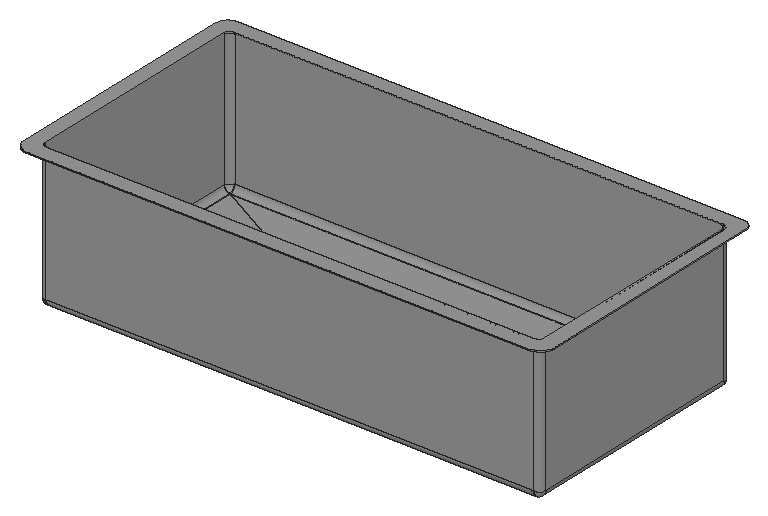
Revit family "BUILDMAT-SNGD017-Seville-900-Brass-Gold", category Plumbing Fixtures, host Face, Revit 2020
Family settings
  Host = Face
  Round Connector Dimension = Use Diameter
  Part Type = Normal
  Cut with Voids When Loaded = No
  Shared = No
  Room Calculation Point = No
Parameters (values of type "Seville 900x450x250mm")
  Width = 850.0 mm
  Undermount [instance] = 0.0 mm
  URL = "https://www.buildmat.com.au/products/900x450x250-single-bowl-sink"
  Side Sound Pad = yes
  Side Brackets = yes
  Model = "SNA01017"  # constant formula
  Middle Sound Pad = no
  Middle Bracket = yes
  Manufacturer URL = "https://www.buildmat.com.au/"
  Manufacturer = "BUILDMAT"  # constant formula
  Length = 400.0 mm
  Description = "BUILDMAT - Seville 900x450 XXLarge Single Bowl Sink"  # constant formula
  Depth = 250.0 mm
  Default Elevation = 1219.2 mm
  Created By URL = "https://www.buildmat.com.au/"
  Created By = "BUILDMAT"  # constant formula
  Created = "22.06.2022"  # constant formula
  Material = BUILDMAT Brass Gold
Reference planes
  plane 1 "Center (Front/Back)": y = 0
  plane 2: z = 0
  plane 3 "Center (Left/Right)": x = 0
  plane 4 "Top Substrate": z = 0
  plane 5 "Left": x = -425
  plane 6 "Right": x = 425
  plane 7 "Back": y = 200
  plane 8 "Front": y = -200
  plane 9: x = -450
  plane 10: x = 450
  plane 11: y = -225
  plane 12: y = 225
  plane 13 "Bottom Void": z = -250
  plane 14: z = 1.5
  plane 15: x = -426.5
  plane 16: y = -201.5
  plane 17: x = 426.5
  plane 18: y = 201.5
  plane 19: z = -240
  plane 20: z = -230
  plane 21: x = -415
  plane 22: x = 415
  plane 23: y = -190
  plane 24: y = 190
  plane 25: z = -245
  plane 26: z = -241.5
  plane 27: z = -246.5
  plane 28: x = -100
  plane 29: x = 100
  plane 30 "Sound Pad": z = -130
  plane 31 "Front Bracket": y = -100
  plane 32 "Back Bracket": y = 100
  plane 33: x = -325
  plane 34: x = 325
  plane 35: x = -57
  plane 36: x = 57
  plane 37: x = -45
  plane 38: x = 45
Forms (mm)
  Extrusion 1, void
    sketch origin (0, 0, 0) x (1, 0, 0) y (0, 1, 0)
      loop
        arc (-415, 200) -> (-422.071, 197.071) -> (-425, 190) r 10
        line (-425, 190) -> (-425, -190)
        arc (-425, -190) -> (-422.071, -197.071) -> (-415, -200) r 10
        line (-415, -200) -> (415, -200)
        arc (415, -200) -> (422.071, -197.071) -> (425, -190) r 10
        line (425, -190) -> (425, 190)
        arc (425, 190) -> (422.071, 197.071) -> (415, 200) r 10
        line (415, 200) -> (-415, 200)
    from 0 to 1.5
  Extrusion 2, void
    sketch origin (0, 0, 0) x (1, 0, 0) y (0, 1, 0)
      loop
        line (-426.5, 201.5) -> (-426.5, -201.5) -> (426.5, -201.5) -> (426.5, 201.5) -> (-426.5, 201.5)
    from 0 to -250
  Extrusion 3, void
    sketch origin (0, 0, 0) x (1, 0, 0) y (0, 1, 0)
      loop
        arc (-430, 225) -> (-444.142, 219.142) -> (-450, 205) r 20
        line (-450, 205) -> (-450, -205)
        arc (-450, -205) -> (-444.142, -219.142) -> (-430, -225) r 20
        line (-430, -225) -> (430, -225)
        arc (430, -225) -> (444.142, -219.142) -> (450, -205) r 20
        line (450, -205) -> (450, 205)
        arc (450, 205) -> (444.142, 219.142) -> (430, 225) r 20
        line (430, 225) -> (-430, 225)
    from 1.5 to 0
  Extrusion 4, solid, material "BUILDMAT Brass Gold" <- "Material"
    sketch origin (0, 0, 0) x (-1, 0, 0) y (0, -1, 0)
      loop
        arc (430, -225) -> (444.142, -219.142) -> (450, -205) r 20
        line (450, -205) -> (450, 205)
        arc (450, 205) -> (444.142, 219.142) -> (430, 225) r 20
        line (430, 225) -> (-430, 225)
        arc (-430, 225) -> (-444.142, 219.142) -> (-450, 205) r 20
        line (-450, 205) -> (-450, -205)
        arc (-450, -205) -> (-444.142, -219.142) -> (-430, -225) r 20
        line (-430, -225) -> (430, -225)
      loop
        arc (415, -200) -> (422.071, -197.071) -> (425, -190) r 10
        line (425, -190) -> (425, 190)
        arc (425, 190) -> (422.071, 197.071) -> (415, 200) r 10
        line (415, 200) -> (-415, 200)
        arc (-415, 200) -> (-422.071, 197.071) -> (-425, 190) r 10
        line (-425, 190) -> (-425, -190)
        arc (-425, -190) -> (-422.071, -197.071) -> (-415, -200) r 10
        line (-415, -200) -> (415, -200)
    from 0 to 1.5
  Extrusion 5, solid, material "BUILDMAT Brass Gold" <- "Material"
    sketch origin (0, 0, 0) x (-1, 0, 0) y (0, -1, 0)
      loop
        arc (415, -201.5) -> (423.132, -198.132) -> (426.5, -190) r 11.5
        line (426.5, -190) -> (426.5, 190)
        arc (426.5, 190) -> (423.132, 198.132) -> (415, 201.5) r 11.5
        line (415, 201.5) -> (-415, 201.5)
        arc (-415, 201.5) -> (-423.132, 198.132) -> (-426.5, 190) r 11.5
        line (-426.5, 190) -> (-426.5, -190)
        arc (-426.5, -190) -> (-423.132, -198.132) -> (-415, -201.5) r 11.5
        line (-415, -201.5) -> (415, -201.5)
      loop
        arc (-415, 200) -> (-422.071, 197.071) -> (-425, 190) r 10
        line (-425, 190) -> (-425, -190)
        arc (-425, -190) -> (-422.071, -197.071) -> (-415, -200) r 10
        line (-415, -200) -> (415, -200)
        arc (415, -200) -> (422.071, -197.071) -> (425, -190) r 10
        line (425, -190) -> (425, 190)
        arc (425, 190) -> (422.071, 197.071) -> (415, 200) r 10
        line (415, 200) -> (-415, 200)
    from 0 to -230
  Revolve 6, solid, material "BUILDMAT Brass Gold" <- "Material"
    sketch origin (-175.162, 190, 1219.2) x (-1, 0, 0) y (0, 0, 1)
      loop
        line (-600.162, -1449.2) -> (-601.662, -1449.2)
        arc (-601.662, -1449.2) -> (-598.293, -1457.332) -> (-590.162, -1460.7) r 11.5
        line (-590.162, -1460.7) -> (-590.162, -1459.2)
        arc (-590.162, -1459.2) -> (-597.233, -1456.271) -> (-600.162, -1449.2) r 10
      axis (-590.162, -1460.7) -> (-590.162, -1449.2)
    angle from 0 to -90
  Revolve 7, solid, material "BUILDMAT Brass Gold" <- "Material"
    sketch origin (-175.162, 190, 1219.2) x (-1, 0, 0) y (0, 0, 1)
      loop
        arc (249.838, -1449.2) -> (246.909, -1456.271) -> (239.838, -1459.2) r 10
        line (239.838, -1459.2) -> (239.838, -1460.7)
        arc (239.838, -1460.7) -> (247.97, -1457.332) -> (251.338, -1449.2) r 11.5
        line (251.338, -1449.2) -> (249.838, -1449.2)
      axis (239.838, -1449.2) -> (239.838, -1460.7)
    angle from 0 to -90
  Revolve 8, solid, material "BUILDMAT Brass Gold" <- "Material"
    sketch origin (-175.162, -190, 1219.2) x (-1, 0, 0) y (0, 0, 1)
      loop
        arc (249.838, -1449.2) -> (246.909, -1456.271) -> (239.838, -1459.2) r 10
        line (239.838, -1459.2) -> (239.838, -1460.7)
        arc (239.838, -1460.7) -> (247.97, -1457.332) -> (251.338, -1449.2) r 11.5
        line (251.338, -1449.2) -> (249.838, -1449.2)
      axis (239.838, -1449.2) -> (239.838, -1460.7)
    angle from 0 to 90
  Revolve 9, solid, material "BUILDMAT Brass Gold" <- "Material"
    sketch origin (-175.162, -190, 1219.2) x (-1, 0, 0) y (0, 0, 1)
      loop
        line (-600.162, -1449.2) -> (-601.662, -1449.2)
        arc (-601.662, -1449.2) -> (-598.293, -1457.332) -> (-590.162, -1460.7) r 11.5
        line (-590.162, -1460.7) -> (-590.162, -1459.2)
        arc (-590.162, -1459.2) -> (-597.233, -1456.271) -> (-600.162, -1449.2) r 10
      axis (-590.162, -1449.2) -> (-590.162, -1460.7)
    angle from 0 to 90
  Extrusion 10, solid, material "BUILDMAT Brass Gold" <- "Material"
    sketch origin (0, 0, 0) x (1, 0, 0) y (0, 0, 1)
      loop
        line (-425, -230) -> (-426.5, -230)
        arc (-426.5, -230) -> (-423.132, -238.132) -> (-415, -241.5) r 11.5
        line (-415, -241.5) -> (-415, -240)
        arc (-415, -240) -> (-422.071, -237.071) -> (-425, -230) r 10
    from -190 to 190
  Extrusion 11, solid, material "BUILDMAT Brass Gold" <- "Material"
    sketch origin (0, 0, 0) x (1, 0, 0) y (0, 0, 1)
      loop
        arc (425, -230) -> (422.071, -237.071) -> (415, -240) r 10
        line (415, -240) -> (415, -241.5)
        arc (415, -241.5) -> (423.132, -238.132) -> (426.5, -230) r 11.5
        line (426.5, -230) -> (425, -230)
    from -190 to 190
  Extrusion 12, solid, material "BUILDMAT Brass Gold" <- "Material"
    sketch origin (0, 0, 0) x (0, 1, 0) y (0, 0, 1)
      loop
        arc (200, -230) -> (197.071, -237.071) -> (190, -240) r 10
        line (190, -240) -> (190, -241.5)
        arc (190, -241.5) -> (198.132, -238.132) -> (201.5, -230) r 11.5
        line (201.5, -230) -> (200, -230)
    from -415 to 415
  Extrusion 13, solid, material "BUILDMAT Brass Gold" <- "Material"
    sketch origin (0, 0, 0) x (0, 1, 0) y (0, 0, 1)
      loop
        line (-200, -230) -> (-201.5, -230)
        arc (-201.5, -230) -> (-198.132, -238.132) -> (-190, -241.5) r 11.5
        line (-190, -241.5) -> (-190, -240)
        arc (-190, -240) -> (-197.071, -237.071) -> (-200, -230) r 10
    from -415 to 415
  Revolve 14, solid, material "BUILDMAT Brass Gold" <- "Material"
    sketch origin (0, 0, 0) x (1, 0, 0) y (0, 0, 1)
      loop
        line (-45, -250) -> (-45, -248.5)
        spline (-45, -248.5) -> (-46.484, -248.459) -> (-47.939, -248.339) -> (-49.337, -248.141) -> (-50.649, -247.871) -> (-51.848, -247.537) -> (-52.908, -247.151) -> (-53.805, -246.726) -> (-54.514, -246.283) -> (-55.023, -245.856) -> (-55.329, -245.483) -> (-55.468, -245.202) -> (-55.5, -245)
        line (-55.5, -245) -> (-57, -245)
        spline (-57, -245) -> (-56.897, -245.653) -> (-56.591, -246.294) -> (-56.087, -246.913) -> (-55.392, -247.5) -> (-54.52, -248.044) -> (-53.485, -248.536) -> (-52.305, -248.967) -> (-51, -249.33) -> (-49.592, -249.619) -> (-48.106, -249.83) -> (-46.566, -249.957) -> (-45, -250)
      axis (0, -245) -> (0, -250)
    angle from 0 to 360
  Blend 15, solid, material "BUILDMAT Brass Gold" <- "Material"
    base sketch origin (0, 0, 0) x (-1, 0, 0) y (0, -1, 0)
      loop
        circle (0, 0) r 57
    top sketch origin (0, 0, 0) x (-1, 0, 0) y (0, -1, 0)
      loop
        line (415, -190) -> (415, 190) -> (-415, 190) -> (-415, -190) -> (415, -190)
    from -246.5 to -241.5
  Blend 16, void
    base sketch origin (0, 0, 0) x (-1, 0, 0) y (0, -1, 0)
      loop
        circle (0, 0) r 57
    top sketch origin (0, 0, 0) x (-1, 0, 0) y (0, -1, 0)
      loop
        line (415, -190) -> (415, 190) -> (-415, 190) -> (-415, -190) -> (415, -190)
    from -245 to -240
  Extrusion 17, solid, material "BUILDMAT Brass Gold" <- "Material"
    sketch origin (0, 0, 0) x (-1, 0, 0) y (0, -1, 0)
      loop
        line (415, -190) -> (415, 190) -> (-415, 190) -> (-415, -190) -> (415, -190)
    from -241.5 to -240
  Extrusion 18, void
    sketch origin (0, 0, 0) x (-1, 0, 0) y (0, -1, 0)
      loop
        circle (0, 0) r 57
    from -250 to -230
Cuts and joins
  joined: Extrusion 4, Extrusion 5
  joined: Revolve 6, Revolve 9
  joined: Revolve 7, Revolve 8
  Blend 16, Extrusion 18 cuts Blend 15
  Blend 16, Extrusion 18 cuts Extrusion 17
  joined: Blend 15, Extrusion 17
Lines and regions (mm)
  Masking region 1
    outline origin (0, 0, 0) x (1, 0, 0) y (0, 0, 1)
      loop
        line (425, 0) -> (-425, 0) -> (-425, -230)
        arc (-425, -230) -> (-422.071, -237.071) -> (-415, -240) r 10
        line (-415, -240) -> (-57, -245) -> (57, -245) -> (415, -240)
        arc (415, -240) -> (422.071, -237.071) -> (425, -230) r 10
        line (425, -230) -> (425, 0)
  Masking region 2
    outline origin (0, 0, 0) x (1, 0, 0) y (0, 0, 1)
      loop
        line (-100, -245.899) -> (-100, -250) -> (-57, -250) -> (-57, -246.5) -> (-100, -245.899)
  Masking region 3
    outline origin (0, 0, 0) x (1, 0, 0) y (0, 0, 1)
      loop
        line (57, -246.5) -> (57, -250) -> (100, -250) -> (100, -245.899) -> (57, -246.5)
Text (mm)
  text "Refer to www.buildmat.com.au for the most current product literature. \nAllow a +/- 5mm tolerance for dimensions shown in the product literature. \nPlease note product details are subject to change due to ongoing product development." at (0.056, -1035.857, 0), in view "Ref. Level"
Dimensions and locks
  "Undermount": plane 2 to plane 4 "Top Substrate"
  equal spacing: plane 5 "Left", plane 3 "Center (Left/Right)", plane 6 "Right"
  "Width": plane 5 "Left" to plane 6 "Right"
  "Length": plane 7 "Back" to plane 8 "Front"
  equal spacing: plane 7 "Back", plane 1 "Center (Front/Back)", plane 8 "Front"
  locked: plane 12 to plane 7 "Back" at 25
  locked: plane 8 "Front" to plane 11 at 25
  locked: plane 9 to plane 5 "Left" at 25
  locked: plane 6 "Right" to plane 10 at 25
  "Depth": plane 4 "Top Substrate" to plane 13 "Bottom Void"
  locked: plane 14 to plane 4 "Top Substrate" at 1.5
  locked: plane 18 to plane 7 "Back" at 1.5
  locked: plane 8 "Front" to plane 16 at 1.5
  plane 15 to plane 5 "Left" = 1.5 mm
  plane 6 "Right" to plane 17 = 1.5 mm
  plane 20 to plane 19 to plane 13 "Bottom Void" = 10.0 mm, 10.0 mm
  locked: plane 5 "Left" to plane 21 at 10
  locked: plane 22 to plane 6 "Right" at 10
  locked: plane 7 "Back" to plane 24 at 10
  locked: plane 23 to plane 8 "Front" at 10
  locked: plane 19 to plane 26 at 1.5
  locked: plane 25 to plane 13 "Bottom Void" at 5
  locked: plane 25 to plane 27 at 1.5
  plane 29 to plane 3 "Center (Left/Right)" to plane 28 = 100.0 mm locked, 100.0 mm locked
  locked: plane 30 "Sound Pad" to plane 13 "Bottom Void" at 120
  locked: plane 7 "Back" to plane 32 "Back Bracket" at 100
  locked: plane 31 "Front Bracket" to plane 8 "Front" at 100
  locked: plane 33 to plane 5 "Left" at 100
  locked: plane 6 "Right" to plane 34 at 100
  equal spacing: plane 3 "Center (Left/Right)", nested 15, plane 33
  equal spacing: plane 34, nested 16, plane 3 "Center (Left/Right)"
  plane 37 to plane 3 "Center (Left/Right)" to plane 38 = 45.0 mm locked, 45.0 mm locked
  plane 35 to plane 3 "Center (Left/Right)" to plane 36 = 57.0 mm locked, 57.0 mm locked
  aligned and locked: plane 2 to host face
  aligned and locked: level to host face
  aligned and locked: plane 8 "Front" to Extrusion 1 sketch curve
  aligned and locked: Extrusion 1 sketch curve to plane 7 "Back"
  aligned and locked: plane 5 "Left" to Extrusion 1 sketch curve
  aligned and locked: Extrusion 1 sketch curve to plane 6 "Right"
  aligned and locked: plane 2 to Extrusion 1
  aligned and locked: plane 14 to Extrusion 1
  aligned and locked: Extrusion 2 sketch curve to plane 16
  aligned and locked: Extrusion 2 sketch curve to plane 18
  aligned and locked: plane 15 to Extrusion 2 sketch curve
  aligned and locked: plane 17 to Extrusion 2 sketch curve
  aligned and locked: Extrusion 2 to plane 13 "Bottom Void"
  aligned and locked: plane 4 "Top Substrate" to Extrusion 2
  aligned and locked: Extrusion 3 sketch curve to plane 11
  aligned and locked: plane 9 to Extrusion 3 sketch curve
  aligned and locked: Extrusion 3 sketch curve to plane 10
  aligned and locked: Extrusion 3 sketch curve to plane 12
  aligned and locked: Extrusion 3 to plane 4 "Top Substrate"
  aligned and locked: Extrusion 3 to plane 14
  aligned and locked: Extrusion 4 sketch curve to plane 11
  aligned and locked: Extrusion 4 sketch curve to plane 12
  aligned and locked: plane 9 to Extrusion 4 sketch curve
  aligned and locked: Extrusion 4 sketch curve to plane 10
  aligned and locked: plane 5 "Left" to Extrusion 4 sketch curve
  aligned and locked: Extrusion 4 sketch curve to plane 6 "Right"
  aligned and locked: Extrusion 4 sketch curve to plane 7 "Back"
  aligned and locked: plane 8 "Front" to Extrusion 4 sketch curve
  aligned and locked: Extrusion 5 sketch curve to plane 7 "Back"
  aligned and locked: plane 5 "Left" to Extrusion 5 sketch curve
  aligned and locked: Extrusion 5 sketch curve to plane 6 "Right"
  aligned and locked: plane 8 "Front" to Extrusion 5 sketch curve
  aligned and locked: plane 15 to Extrusion 5 sketch curve
  aligned and locked: Extrusion 5 sketch curve to plane 16
  aligned and locked: plane 17 to Extrusion 5 sketch curve
  aligned and locked: Extrusion 5 sketch curve to plane 18
  aligned and locked: Extrusion 5 to plane 20
  aligned and locked: plane 4 "Top Substrate" to Extrusion 5
  aligned and locked: Extrusion 11 to plane 23
  aligned and locked: plane 24 to Extrusion 11
  aligned and locked: plane 24 to Extrusion 10
  aligned and locked: Extrusion 10 to plane 23
  aligned and locked: Extrusion 13 to plane 21
  aligned and locked: plane 22 to Extrusion 13
  aligned and locked: plane 22 to Extrusion 12
  aligned and locked: Extrusion 12 to plane 21
  aligned and locked: plane 21 to Blend 15 sketch curve
  aligned and locked: Blend 15 sketch curve to plane 22
  aligned and locked: Blend 15 sketch curve to plane 23
  aligned and locked: Blend 15 sketch curve to plane 24
  aligned and locked: plane 27 to Blend 15
  aligned and locked: Blend 15 to plane 26
  aligned and locked: Blend 16 sketch curve to plane 24
  aligned and locked: plane 21 to Blend 16 sketch curve
  aligned and locked: Blend 16 sketch curve to plane 22
  aligned and locked: Blend 16 sketch curve to plane 23
  aligned and locked: Blend 16 to plane 25
  aligned and locked: Blend 16 to plane 19
  aligned and locked: Extrusion 17 sketch curve to plane 24
  aligned and locked: Extrusion 17 sketch curve to plane 23
  aligned and locked: plane 21 to Extrusion 17 sketch curve
  aligned and locked: Extrusion 17 sketch curve to plane 22
  aligned and locked: Extrusion 17 to plane 26
  aligned and locked: Extrusion 17 to plane 19
  aligned and locked: Extrusion 18 to plane 13 "Bottom Void"
  aligned and locked: plane 20 to Extrusion 18
  aligned and locked: cut or joined group of Blend 15, Blend 16, Extrusion 17, Extrusion 18 to Masking region 2 sketch curve
  aligned and locked: Masking region 3 sketch curve to cut or joined group of Blend 15, Blend 16, Extrusion 17, Extrusion 18
  aligned and locked: plane 3 "Center (Left/Right)" to nested 1
  aligned and locked: nested 1 to plane 4 "Top Substrate"
  aligned and locked: plane 3 "Center (Left/Right)" to nested 2
  aligned and locked: nested 2 to plane 30 "Sound Pad"
  aligned and locked: nested 3 to plane 18
  aligned and locked: plane 3 "Center (Left/Right)" to nested 3
  aligned and locked: plane 16 to nested 4
  aligned and locked: nested 4 to plane 3 "Center (Left/Right)"
  aligned and locked: plane 31 "Front Bracket" to nested 6
  aligned and locked: plane 15 to nested 6
  aligned and locked: plane 31 "Front Bracket" to nested 8
  aligned and locked: plane 17 to nested 8
  aligned and locked: plane 32 "Back Bracket" to nested 7
  aligned and locked: plane 17 to nested 7
  aligned and locked: plane 32 "Back Bracket" to nested 5
  aligned and locked: plane 15 to nested 5
  aligned and locked: nested 9 to plane 4 "Top Substrate"
  aligned and locked: nested 9 to plane 33
  aligned and locked: nested 10 to plane 4 "Top Substrate"
  aligned and locked: nested 10 to plane 34
  aligned and locked: nested 13 to plane 33
  aligned and locked: nested 14 to plane 34
  aligned and locked: plane 16 to nested 13
  aligned and locked: nested 14 to plane 16
  aligned and locked: plane 33 to nested 11
  aligned and locked: nested 11 to plane 18
  aligned and locked: plane 34 to nested 12
  aligned and locked: plane 18 to nested 12
  aligned and locked: nested 15 to plane 30 "Sound Pad"
  aligned and locked: nested 16 to plane 30 "Sound Pad"
  aligned and locked: nested 17 to plane 23
  aligned and locked: nested 17 to plane 24
  aligned and locked: plane 22 to nested 17
  aligned and locked: plane 21 to nested 17
  aligned and locked: plane 3 "Center (Left/Right)" to nested 18
  aligned and locked: plane 1 "Center (Front/Back)" to nested 18
  aligned and locked: plane 4 "Top Substrate" to Masking region 1
Automatic sketch dimensions
  host sketch curve to host sketch curve = 2438.4 mm  (x2)
  plane 5 "Left" to Extrusion 1 sketch curve = 10.0 mm  (x2)
  Extrusion 1 sketch curve to plane 6 "Right" = 10.0 mm  (x2)
  Extrusion 4 sketch curve to plane 10 = 20.0 mm  (x2)
  Extrusion 4 sketch curve to Extrusion 4 sketch curve = 10.0 mm  (x2)
  plane 5 "Left" to Extrusion 4 sketch curve = 10.0 mm
  plane 9 to Extrusion 4 sketch curve = 20.0 mm
  plane 8 "Front" to Extrusion 4 sketch curve = 10.0 mm
  plane 11 to Extrusion 4 sketch curve = 20.0 mm
  Extrusion 3 sketch curve to plane 5 "Left" = 5.0 mm
  plane 6 "Right" to Extrusion 3 sketch curve = 5.0 mm  (x2)
  plane 7 "Back" to Extrusion 3 sketch curve = 5.0 mm
  plane 5 "Left" to Extrusion 5 sketch curve = 10.0 mm
  Extrusion 5 sketch curve to plane 6 "Right" = 10.0 mm
  plane 8 "Front" to Extrusion 5 sketch curve = 10.0 mm
  Extrusion 5 sketch curve to plane 7 "Back" = 10.0 mm
  Extrusion 5 sketch curve to Extrusion 5 sketch curve = 0.0 mm  (x4)
  Revolve 6 sketch curve to Revolve 6 sketch curve = 0.0 mm  (x3)
  plane 17 to Revolve 6 sketch curve = 0.0 mm
  Revolve 6 sketch curve to plane 6 "Right" = 0.0 mm
  Revolve 6 sketch curve to plane 22 = 0.0 mm  (x2)
  Revolve 6 sketch curve to plane 19 = 0.0 mm
  Revolve 6 sketch curve to plane 20 = 0.0 mm
  Revolve 7 sketch curve to Revolve 7 sketch curve = 0.0 mm  (x3)
  Revolve 7 sketch curve to plane 20 = 0.0 mm  (x2)
  Revolve 7 sketch curve to plane 21 = 0.0 mm  (x2)
  Revolve 7 sketch curve to plane 5 "Left" = 0.0 mm
  Revolve 7 sketch curve to plane 15 = 0.0 mm
  Revolve 8 sketch curve to Revolve 8 sketch curve = 0.0 mm  (x3)
  Revolve 8 sketch curve to plane 20 = 0.0 mm  (x2)
  Revolve 8 sketch curve to plane 21 = 0.0 mm  (x2)
  Revolve 8 sketch curve to plane 5 "Left" = 0.0 mm
  Revolve 8 sketch curve to plane 15 = 0.0 mm
  Revolve 9 sketch curve to Revolve 9 sketch curve = 0.0 mm  (x3)
  plane 17 to Revolve 9 sketch curve = 0.0 mm
  Revolve 9 sketch curve to plane 6 "Right" = 0.0 mm
  Revolve 9 sketch curve to plane 22 = 0.0 mm  (x2)
  Revolve 9 sketch curve to plane 20 = 0.0 mm
  Revolve 9 sketch curve to plane 19 = 0.0 mm
  Extrusion 10 sketch curve to plane 15 = 0.0 mm
  Extrusion 10 sketch curve to plane 5 "Left" = 0.0 mm
  Extrusion 10 sketch curve to plane 19 = 0.0 mm
  Extrusion 10 sketch curve to plane 21 = 0.0 mm
  Extrusion 11 sketch curve to plane 20 = 0.0 mm
  Extrusion 11 sketch curve to plane 22 = 0.0 mm
  Extrusion 11 sketch curve to plane 6 "Right" = 0.0 mm
  plane 17 to Extrusion 11 sketch curve = 0.0 mm
  Extrusion 12 sketch curve to plane 20 = 0.0 mm
  Extrusion 12 sketch curve to plane 24 = 0.0 mm
  Extrusion 12 sketch curve to plane 7 "Back" = 0.0 mm
  Extrusion 12 sketch curve to plane 18 = 0.0 mm
  Extrusion 13 sketch curve to plane 16 = 0.0 mm
  Extrusion 13 sketch curve to plane 8 "Front" = 0.0 mm
  Extrusion 13 sketch curve to plane 23 = 0.0 mm
  Extrusion 13 sketch curve to plane 19 = 0.0 mm
  Revolve 14 sketch curve to plane 25 = 0.0 mm
  Revolve 14 sketch curve to plane 13 "Bottom Void" = 0.0 mm  (x2)
  Revolve 14 sketch curve to plane 3 "Center (Left/Right)" = 0.0 mm
  Revolve 14 sketch curve to plane 20 = 0.0 mm
  Revolve 14 sketch curve to plane 3 "Center (Left/Right)" = 45.0 mm
  Revolve 14 sketch curve to Revolve 14 sketch curve = 10.5 mm
  Revolve 14 sketch curve to Revolve 14 sketch curve = 1.5 mm  (x2)
  Revolve 14 sketch curve to Revolve 14 sketch curve = 0.0 mm
  plane 1 "Center (Front/Back)" to Blend 15 sketch curve = 0.0 mm
  Blend 15 sketch curve to plane 3 "Center (Left/Right)" = 0.0 mm
  plane 1 "Center (Front/Back)" to Blend 16 sketch curve = 0.0 mm
  Blend 16 sketch curve to plane 3 "Center (Left/Right)" = 0.0 mm
  plane 1 "Center (Front/Back)" to Extrusion 18 sketch curve = 0.0 mm
  Extrusion 18 sketch curve to plane 3 "Center (Left/Right)" = 0.0 mm
  Masking region 1 sketch curve to level = 0.0 mm
  Masking region 1 sketch curve to plane 20 = 0.0 mm
  Masking region 1 sketch curve to plane 21 = 0.0 mm
  Masking region 1 sketch curve to plane 25 = 0.0 mm
  Masking region 1 sketch curve to plane 3 "Center (Left/Right)" = 57.0 mm
  plane 3 "Center (Left/Right)" to Masking region 1 sketch curve = 57.0 mm
  Masking region 1 sketch curve to plane 19 = 0.0 mm
  Masking region 1 sketch curve to plane 22 = 0.0 mm
  Masking region 1 sketch curve to plane 6 "Right" = 0.0 mm
  Masking region 1 sketch curve to plane 5 "Left" = 0.0 mm
  Masking region 2 sketch curve to plane 28 = 0.0 mm
  Masking region 2 sketch curve to plane 13 "Bottom Void" = 0.0 mm
  Masking region 2 sketch curve to plane 27 = 0.0 mm
  Masking region 3 sketch curve to plane 27 = 0.0 mm
  Masking region 3 sketch curve to plane 13 "Bottom Void" = 0.0 mm
  Masking region 3 sketch curve to plane 29 = 0.0 mm
  radius of Blend 15 sketch curve = 57.0 mm
  radius of Blend 16 sketch curve = 57.0 mm
  radius of Extrusion 18 sketch curve = 57.0 mm
Nested families
  nested 1: "TMB_Front" at (0, 0, 0) x (1, 0, 0) z (0, -1, 0), visible <- "Middle Bracket", type "TMB_Front"
  nested 2: "SP_Front" at (0, 0, -130) x (1, 0, 0) z (0, -1, 0), visible <- "Middle Sound Pad", type "SP_Front"
  nested 3: "TMB_Plan" at (0, 201.5, 0), visible <- "Middle Bracket", type "TMB_Plan"
  nested 4: "TMB_Plan" at (0, -201.5, 0) x (-1, 0, 0) z (0, 0, 1), visible <- "Middle Bracket", type "TMB_Plan"
  nested 5: "TMB_Plan" at (-426.5, 100, 0) x (0, 1, 0) z (0, 0, 1), type "TMB_Plan"
  nested 6: "TMB_Plan" at (-426.5, -100, 0) x (0, 1, 0) z (0, 0, 1), type "TMB_Plan"
  nested 7: "TMB_Plan" at (426.5, 100, 0) x (0, -1, 0) z (0, 0, 1), type "TMB_Plan"
  nested 8: "TMB_Plan" at (426.5, -100, 0) x (0, -1, 0) z (0, 0, 1), type "TMB_Plan"
  nested 9: "TMB_Front" at (-325, 0, 0) x (1, 0, 0) z (0, -1, 0), visible <- "Side Brackets", type "TMB_Front"
  nested 10: "TMB_Front" at (325, 0, 0) x (1, 0, 0) z (0, -1, 0), visible <- "Side Brackets", type "TMB_Front"
  nested 11: "TMB_Plan" at (-325, 201.5, 0), visible <- "Side Brackets", type "TMB_Plan"
  nested 12: "TMB_Plan" at (325, 201.5, 0), visible <- "Side Brackets", type "TMB_Plan"
  nested 13: "TMB_Plan" at (-325, -201.5, 0) x (-1, 0, 0) z (0, 0, 1), visible <- "Side Brackets", type "TMB_Plan"
  nested 14: "TMB_Plan" at (325, -201.5, 0) x (-1, 0, 0) z (0, 0, 1), visible <- "Side Brackets", type "TMB_Plan"
  nested 15: "SP_Front" at (-162.5, 0, -130) x (1, 0, 0) z (0, -1, 0), visible <- "Side Sound Pad", type "SP_Front"
  nested 16: "SP_Front" at (162.5, 0, -130) x (1, 0, 0) z (0, -1, 0), visible <- "Side Sound Pad", type "SP_Front"
  nested 17: "BOWL Plan" at (0, 0, -130), type "BOWL Plan"
    with Width 830.0 mm, Lenght 380.0 mm
  nested 18: "DRAIN" at (0, 0, 0), type "DRAIN"
Definition of nested family "TMB_Front"
  Reference planes
    plane 1 "Center (Elevation)": y = 0
    plane 2: z = 0
    plane 3 "Center (Left/Right)": x = 0
  Lines and regions (mm)
    Masking region 1, in view "Ref. Level"
      outline origin (0, 0, 0) x (1, 0, 0) y (0, 1, 0)
        loop
          line (-17.5, 0) -> (-17.5, -80) -> (17.5, -80) -> (17.5, 0) -> (-17.5, 0)
    detail lines, in view "Ref. Level"
      curve 1: line (-17.5, 0, 0) -> (-17.5, -80, 0)
      curve 2: line (-17.5, -80, 0) -> (17.5, -80, 0)
      curve 3: line (17.5, -80, 0) -> (17.5, 0, 0)
      curve 4: line (-12.5, -50, 0) -> (12.5, -50, 0)
      curve 5: line (-12.5, -75, 0) -> (-12.5, -50, 0)
      curve 6: line (12.5, -75, 0) -> (-12.5, -75, 0)
      curve 7: line (12.5, -50, 0) -> (12.5, -75, 0)
Definition of nested family "SP_Front"
  Reference planes
    plane 1 "Center (Elevation)": y = 0
    plane 2: z = 0
    plane 3 "Center (Left/Right)": x = 0
  Lines and regions (mm)
    Masking region 1, in view "Ref. Level"
      outline origin (0, 0, 0) x (1, 0, 0) y (0, 1, 0)
        loop
          arc (-50, 40) -> (-57.071, 37.071) -> (-60, 30) r 10
          line (-60, 30) -> (-60, -30)
          arc (-60, -30) -> (-57.071, -37.071) -> (-50, -40) r 10
          line (-50, -40) -> (50, -40)
          arc (50, -40) -> (57.071, -37.071) -> (60, -30) r 10
          line (60, -30) -> (60, 30)
          arc (60, 30) -> (57.071, 37.071) -> (50, 40) r 10
          line (50, 40) -> (-50, 40)
    detail lines, in view "Ref. Level"
      curve 1: line (-50, 40, 0) -> (50, 40, 0)
      curve 2: line (50, -40, 0) -> (-50, -40, 0)
      curve 3: line (60, 30, 0) -> (60, -30, 0)
      curve 4: line (-60, 30, 0) -> (-60, -30, 0)
      curve 5: arc (-50, 40, 0) -> (-57.071, 37.071, 0) -> (-60, 30, 0) r 10
      curve 6: arc (-60, -30, 0) -> (-57.071, -37.071, 0) -> (-50, -40, 0) r 10
      curve 7: arc (50, -40, 0) -> (57.071, -37.071, 0) -> (60, -30, 0) r 10
      curve 8: arc (60, 30, 0) -> (57.071, 37.071, 0) -> (50, 40, 0) r 10
  Dimensions and locks
    aligned and locked: Masking region 1 sketch curve to curve 1
    aligned and locked: Masking region 1 sketch curve to curve 4
    aligned and locked: Masking region 1 sketch curve to curve 2
    aligned and locked: Masking region 1 sketch curve to curve 3
Definition of nested family "TMB_Plan"
  Reference planes
    plane 1 "Center (Front/Back)": y = 0
    plane 2: z = 0
    plane 3 "Center (Left/Right)": x = 0
  Lines and regions (mm)
    detail lines, in view "Ref. Level"
      curve 1: line (-17.5, 0, 0) -> (17.5, 0, 0)
      curve 2: line (17.5, 0, 0) -> (17.5, 5, 0)
      curve 3: line (17.5, 5, 0) -> (12.5, 5, 0)
      curve 4: line (-17.5, 0, 0) -> (-17.5, 5, 0)
      curve 5: line (-17.5, 5, 0) -> (-12.5, 5, 0)
Definition of nested family "BOWL Plan"
  Parameters (values of type "BOWL Plan")
    Width [instance] = 600.0 mm
    Lenght [instance] = 400.0 mm
  Reference planes
    plane 1 "Center (Front/Back)": y = 0
    plane 2: z = 0
    plane 3 "Center (Left/Right)": x = 0
    plane 4 "Left": x = -300
    plane 5 "Right": x = 300
    plane 6 "Back": y = 200
    plane 7 "Front": y = -200
  Lines and regions (mm)
    Masking region 1, in view "Ref. Level"
      outline origin (0, 0, 0) x (1, 0, 0) y (0, 1, 0)
        loop
          line (-300, 200) -> (-300, -200) -> (300, -200) -> (300, 200) -> (-300, 200)
    detail lines, in view "Ref. Level"
      curve 1: line (-300, 200, 0) -> (300, -200, 0)
      curve 2: line (-300, -200, 0) -> (300, 200, 0)
  Dimensions and locks
    equal spacing: plane 6 "Back", plane 1 "Center (Front/Back)", plane 7 "Front"
    "Lenght": plane 6 "Back" to plane 7 "Front"
    equal spacing: plane 4 "Left", plane 3 "Center (Left/Right)", plane 5 "Right"
    "Width": plane 4 "Left" to plane 5 "Right"
    aligned and locked: plane 4 "Left" to Masking region 1 sketch curve
    aligned and locked: Masking region 1 sketch curve to plane 5 "Right"
    aligned and locked: plane 7 "Front" to Masking region 1 sketch curve
    aligned and locked: Masking region 1 sketch curve to plane 6 "Back"
  Automatic sketch dimensions
    curve 2 to plane 4 "Left" = 0.0 mm
    curve 1 to plane 4 "Left" = 0.0 mm
    curve 2 to plane 5 "Right" = 0.0 mm
    curve 1 to plane 5 "Right" = 0.0 mm
    curve 1 to plane 7 "Front" = 0.0 mm
    curve 2 to plane 7 "Front" = 0.0 mm
    curve 2 to plane 6 "Back" = 0.0 mm
    curve 1 to plane 6 "Back" = 0.0 mm
Definition of nested family "DRAIN"
  Reference planes
    plane 1 "Center (Front/Back)": y = 0
    plane 2: z = 0
    plane 3 "Center (Left/Right)": x = 0
  Lines and regions (mm)
    Masking region 1, in view "Ref. Level"
      outline origin (0, 0, 0) x (1, 0, 0) y (0, 1, 0)
        loop
          circle (0, 0) r 57
    detail lines, in view "Ref. Level"
      curve 1: circle (0, 0, 0) r 45 normal (0, 0, 1)
      curve 2: circle (0, 0, 0) r 55.5 normal (0, 0, 1)
